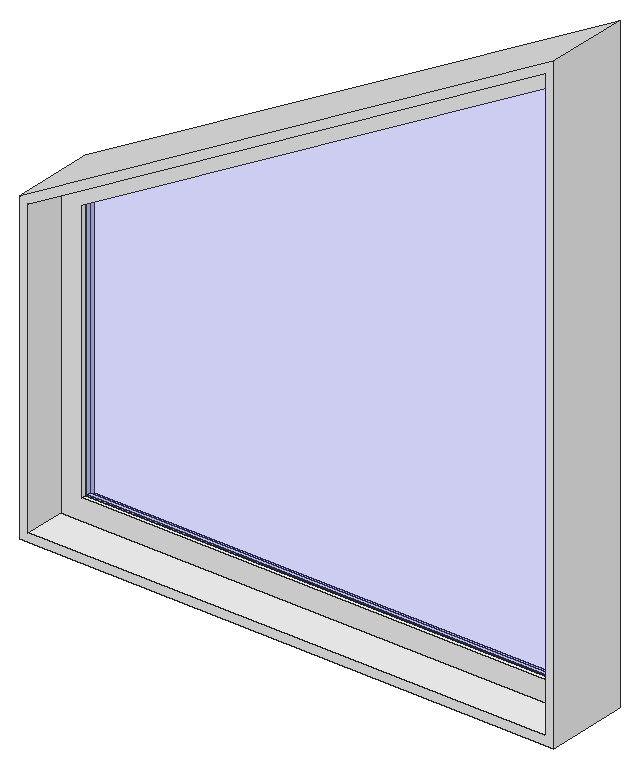
Revit family "Trapezoida", category Windows, host Wall, Revit 2012
Parameters
  Glass = Vidro
  Height = 1.50 m
  Frame_Mat2 = Frame_Mat 2
  Frame_Mat1 = Frame_Mat1
  Ext_Dist = 0.05 m
  Default Sill Height = 0.80 m
  TrimProjection = 0.025 m
  Wall Closure = By host
  Width = 1.30 m
  Ang2 = Ang1  # 120.00°
  Ang1 = 120.00°
Reference planes (m)
  plane 1 "Center (Front/Back)": y = 0
  plane 2 "Center (Left/Right)": x = 0
  plane 3 "Left": x = -0.65
  plane 4 "Right": x = 0.65
  plane 5 "Sill": z = 0.8
  plane 6 "Head": z = 2.3
  plane 7 "Exterior": y = 0.1
  plane 8 "Interior": y = -0.1
  plane 9: y = 0.05
Forms (m)
  Sweep 1, solid, material "Frame_Mat1" <- "Frame_Mat1"
    path in 3D
      loop
        line (0.65, 0.1, 0.8) -> (0.65, 0.1, 2.3) -> (-0.65, 0.1, 1.549445) -> (-0.65, 0.1, 0.8) -> (0.65, 0.1, 0.8)
    profile origin (0, 0.1, 0.8) x (0, 1, 0) y (0, 0, 1)
      loop
        line (0, 0) -> (0, 0.02) -> (-0.05, 0.02) -> (-0.05, 0.04) -> (-0.075, 0.04) -> (-0.075, 0.02) -> (-0.2, 0.02) -> (-0.2, 0) -> (0, 0)
  Sweep 2, solid, material "Frame_Mat 2" <- "Frame_Mat2"
    path in 3D
      loop
        line (0.61, 0.025, 0.84) -> (0.61, 0.025, 2.230718) -> (-0.61, 0.025, 1.526351) -> (-0.61, 0.025, 0.84) -> (0.61, 0.025, 0.84)
    profile origin (0, 0.025, 0.84) x (0, 1, 0) y (0, 0, 1)
      loop
        line (0, 0.03) -> (-0.01, 0.03) -> (-0.01, 0.02) -> (-0.015, 0.02) -> (-0.015, 0.03) -> (-0.025, 0.03) -> (-0.025, -0.02) -> (0, -0.02) -> (0, 0.03)
  Extrusion 3, solid, material "Vidro" <- "Glass"
    sketch origin (-0.59, 0.015, 0.86) x (1, 0, 0) y (0, 0, 1)
      loop
        line (1.17, 1.318756) -> (0.01, 0.64903) -> (0.01, 0.01) -> (1.17, 0.01) -> (1.17, 1.318756)
    from 0 to 0.005
Lines and regions (m)
  Opening 1
    outline origin (3.5, -0.1, 0) x (1, 0, 0) y (0, 0, 1)
      loop
        line (-2.85, 0.8) -> (-2.85, 2.3) -> (-4.15, 1.549445) -> (-4.15, 0.8) -> (-2.85, 0.8)
  sketch lines
    curve 1: line (-0.65, 0.1, 0.8) -> (0.65, 0.1, 0.8)
    curve 2: line (-0.65, 0.1, 1.549445) -> (-0.65, 0.1, 0.8)
    curve 3: line (0.65, 0.1, 2.3) -> (-0.65, 0.1, 1.549445)
    curve 4: line (0.65, 0.1, 0.8) -> (0.65, 0.1, 2.3)
    curve 5: line (-0.61, 0.025, 0.84) -> (0.61, 0.025, 0.84)
    curve 6: line (-0.61, 0.025, 1.526351) -> (-0.61, 0.025, 0.84)
    curve 7: line (0.61, 0.025, 2.230718) -> (-0.61, 0.025, 1.526351)
    curve 8: line (0.61, 0.025, 0.84) -> (0.61, 0.025, 2.230718)
Text (m)
  text "EXTERIOR" at (-1.981535, 0.863181, 0), in view "Ref. Level"
  text "INTERIOR" at (-2.017992, -0.707606, 0), in view "Ref. Level"
  text "Exterior" at (0, 0.923751, 2.943296), in view "Right"
  text "Exterior" at (0, 1.019841, 2.788626), in view "Left"
Dimensions and locks (m)
  equal spacing: plane 3 "Left", plane 2 "Center (Left/Right)", plane 4 "Right"
  "Width": plane 3 "Left" to plane 4 "Right"
  "Height": plane 5 "Sill" to plane 6 "Head"
  "Default Sill Height": plane 5 "Sill" to level
  locked: plane 7 "Exterior" to host wall
  locked: plane 8 "Interior" to host wall
  "Ext_Dist": plane 9 to plane 7 "Exterior"
  "Ang1": angle Opening 1 sketch curve to plane 3 "Left"
  "Ang2": angle Opening 1 sketch curve to plane 4 "Right"
  aligned and locked: Extrusion 3 sketch curve to Sweep 2  (x4)
  aligned and locked: profile plane to Sweep 1 sketch curve
  aligned and locked: Sweep 1 sketch curve to host wall
  aligned and locked: Sweep 1 sketch curve to plane 9
Automatic sketch dimensions
  Opening 1 sketch curve to plane 3 "Left" = 0.00 m
  Opening 1 sketch curve to plane 5 "Sill" = 0.00 m
  Opening 1 sketch curve to plane 6 "Head" = 0.00 m
  plane 4 "Right" to Opening 1 sketch curve = 0.00 m
  Sweep 2 sketch curve to profile plane = 0.00 m
  profile plane to Sweep 2 sketch curve = 0.01 m
  Sweep 2 sketch curve to Sweep 2 sketch curve = 0.005 m
  Sweep 2 sketch curve to Sweep 2 sketch curve = 0.01 m  (x2)
  Sweep 2 sketch curve to profile plane = 0.02 m
  profile plane to Sweep 2 sketch curve = 0.02 m
  Sweep 2 sketch curve to Sweep 2 sketch curve = 0.00 m
  Sweep 1 sketch curve to profile plane = 0.00 m
  Sweep 1 sketch curve to Sweep 1 sketch curve = 0.025 m
  profile plane to Sweep 1 sketch curve = 0.02 m  (x2)
  Sweep 1 sketch curve to Sweep 1 sketch curve = 0.02 m
